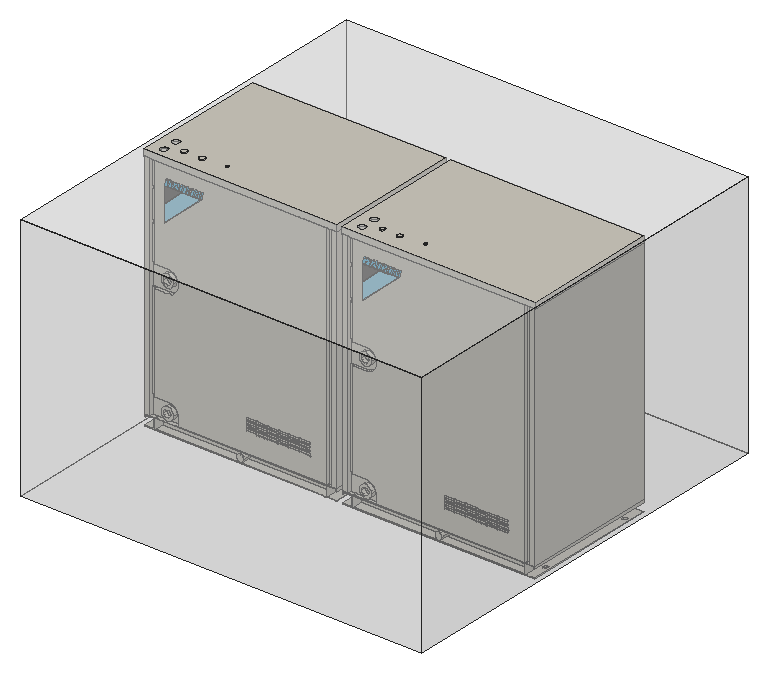
Revit family "outputfile", category 機械設備, Revit 2024
Family settings
  丸型コネクタ寸法 = 半径を使用
  種別 = なし
  パーツ タイプ = 標準
  OmniClass 番号 = 23.75.10.24.21.27.27
  OmniClass タイトル = Split System Air Conditioning Units
  作業面ベース = いいえ
  常に垂直 = はい
  ロード時にボイドで切り取り = いいえ
  注釈の向きを維持 = いいえ
  共有 = いいえ
  部屋計算ポイント = いいえ
Parameters (values of type "RWEYQ18TY1S")
  製造元 = "Daikin"
  書き出し IFC クラス(タイプ) = "IfcUnitaryEquipmentType"
  定義済み IFC タイプ(タイプ) = "AIRCONDITIONINGUNIT"
  モデル = "RWEYQ18TY1S"
  w_unit2 = 780.0 mm
  w_unit1 = 780.0 mm
  switch_unit2_6-8 [instance] = if(Reverse_ModuleSequence, if(default_unit1 = 1, 1 = 1, 1 = 0), if(default_unit2 = 1, 1 = 1, 1 = 0))  # yes
  switch_unit2_12 [instance] = if(Reverse_ModuleSequence, if(default_unit1 = 3, 1 = 1, 1 = 0), if(default_unit2 = 3, 1 = 1, 1 = 0))  # no
  switch_unit2_10 [instance] = if(Reverse_ModuleSequence, if(default_unit1 = 2, 1 = 1, 1 = 0), if(default_unit2 = 2, 1 = 1, 1 = 0))  # no
  switch_unit1_6-8 [instance] = if(Reverse_ModuleSequence, if(default_unit2 = 1, 1 = 1, 1 = 0), if(default_unit1 = 1, 1 = 1, 1 = 0))  # no
  switch_unit1_12 [instance] = if(Reverse_ModuleSequence, if(default_unit2 = 3, 1 = 1, 1 = 0), if(default_unit1 = 3, 1 = 1, 1 = 0))  # no
  switch_unit1_10 [instance] = if(Reverse_ModuleSequence, if(default_unit2 = 2, 1 = 1, 1 = 0), if(default_unit1 = 2, 1 = 1, 1 = 0))  # yes
  rangle_Drain [instance] = if(Rear Connection_Drain, 180.00°, 0.00°)  # 0.00°
  r_Water Outlet Pipe Connection_unit2 [instance] = Water Outlet Pipe Connection_Unit2 / 2  # 15.9 mm
  r_Water Outlet Pipe Connection_unit1 [instance] = Water Outlet Pipe Connection_Unit1 / 2  # 15.9 mm
  r_Water Inlet Pipe Connection_unit2 [instance] = Water Inlet Pipe Connection_Unit2 / 2  # 15.9 mm
  r_Water Inlet Pipe Connection_unit1 [instance] = Water Inlet Pipe Connection_Unit1 / 2  # 15.9 mm
  r_Liquid Pipe Size_unit2 [instance] = Liquid Pipe Size_Unit 2 / 2  # 4.75 mm
  r_HP/LP Gas Pipe Size_unit2 [instance] = [HP/LP Gas Pipe Size_Unit 2] / 2  # 9.55 mm
  r_HP/LP Gas Pipe Size_unit1 [instance] = [HP/LP Gas Pipe Size_Unit 1] / 2  # 11.1 mm
  r_Gas Pipe Size_unit2 [instance] = Gas Pipe Size_Unit 2 / 2  # 9.55 mm
  r_Drain Pipe Size = Drain Pipe Size / 2  # 6.35 mm
  lw_powersupply2 = 51.0 mm
  lw_liquidpipe2 = 274.0 mm
  lw_gaspipe2 [instance] = if(Heat Pump, 107.0 mm, 178.0 mm)  # 107.0 mm
  lw_Water Outlet2 = 95.0 mm
  lw_Water Outlet1 = 95.0 mm
  lw_Water Inlet2 = 95.0 mm
  lw_Water Inlet1 = 95.0 mm
  lw_HP/LP Gas Pipe2 [instance] = if(Heat Pump, 178.0 mm, 107.0 mm)  # 178.0 mm
  lw_HP/LP Gas Pipe1 [instance] = if(Heat Pump, 178.0 mm, 107.0 mm)  # 178.0 mm
  lw_Drain2 = 390.0 mm
  lw_Drain1 = 390.0 mm
  ld_HP/LP Gas Pipe = 69.0 mm
  h_mountinghole = [h_***] + 2.3 mm  # 2.3 mm
  r_Liquid Pipe Size_unit1 [instance] = Liquid Pipe Size_Unit 1 / 2  # 4.75 mm
  r_Gas Pipe Size_unit1 [instance] = Gas Pipe Size_Unit 1 / 2  # 11.1 mm
  distance_unit1-2 [instance] = 20.0 mm
  default_unit2 = 1
  default_unit1 = 2
  default_Water Outlet Pipe Connection_Unit 3 = 31.8 mm
  default_Water Outlet Pipe Connection_Unit 2 = 31.8 mm
  default_Water Outlet Pipe Connection_Unit 1 = 31.8 mm
  default_Water Inlet Pipe Connection_Unit 3 = 31.8 mm
  default_Water Inlet Pipe Connection_Unit 2 = 31.8 mm
  default_Water Inlet Pipe Connection_Unit 1 = 31.8 mm
  default_Model_Unit 2 = "RWEYQ8TY1S"
  default_Model_Unit 1 = "RWEYQ10TY1S"
  default_Liquid Pipe Size_Unit 2 = 9.5 mm
  default_Liquid Pipe Size_Unit 1 = 9.5 mm
  default_HP/LP Gas Pipe Size_Unit 2 [instance] = if(and(Heat Pump, [switch_unit2_6-8]), 19.1 mm, if(and(Heat Pump, switch_unit2_10), 22.2 mm, if(and(Heat Pump, switch_unit2_12), 22.2 mm, if(and(Heat Recovery, [switch_unit2_6-8]), 15.9 mm, if(and(Heat Recovery, switch_unit2_10), 19.1 mm, if(and(Heat Recovery, switch_unit2_12), 19.1 mm, 19.1 mm))))))  # 19.1 mm
  default_HP/LP Gas Pipe Size_Unit 1 [instance] = if(and(Heat Pump, [switch_unit1_6-8]), 19.1 mm, if(and(Heat Pump, switch_unit1_10), 22.2 mm, if(and(Heat Pump, switch_unit1_12), 22.2 mm, if(and(Heat Recovery, [switch_unit1_6-8]), 15.9 mm, if(and(Heat Recovery, switch_unit1_10), 19.1 mm, if(and(Heat Recovery, switch_unit1_12), 19.1 mm, 19.1 mm))))))  # 22.2 mm
  default_Gas Pipe Size_Unit 2 = 19.1 mm
  default_Gas Pipe Size_Unit 1 = 22.2 mm
  Water Outlet Pipe Connection_Unit2 [instance] = if(Reverse_ModuleSequence, default_Water Inlet Pipe Connection_Unit 1, default_Water Inlet Pipe Connection_Unit 2)  # 31.8 mm
  Water Outlet Pipe Connection_Unit1 [instance] = if(Reverse_ModuleSequence, default_Water Outlet Pipe Connection_Unit 2, default_Water Outlet Pipe Connection_Unit 1)  # 31.8 mm
  Water Inlet Pipe Connection_Unit2 [instance] = if(Reverse_ModuleSequence, default_Water Outlet Pipe Connection_Unit 1, default_Water Outlet Pipe Connection_Unit 2)  # 31.8 mm
  Water Inlet Pipe Connection_Unit1 [instance] = if(Reverse_ModuleSequence, default_Water Inlet Pipe Connection_Unit 2, default_Water Inlet Pipe Connection_Unit 1)  # 31.8 mm
  Voltage_comment_50Hz = "380-415"
  Voltage_50Hz = 400 V
  Top Connection_powersupply2 [instance] = not(Top Connection_powersupply1)  # no
  Sound Power Level (dB) = 74
  Reverse_ModuleSequence [instance] = no
  Rear Connection_Drain [instance] = not(Front Connection_Drain)  # no
  Power Input (Heating) = 9.580 kW
  Phase_50Hz = 3
  Nominal Heating Capacity = 56.500 kW
  Model_Unit 2 [instance] = if(Reverse_ModuleSequence, default_Model_Unit 1, default_Model_Unit 2)  # "RWEYQ8TY1S"
  Model_Unit 1 [instance] = if(Reverse_ModuleSequence, default_Model_Unit 2, default_Model_Unit 1)  # "RWEYQ10TY1S"
  Minimum Circuit Amps_50Hz = 27.3 A
  Maximum Fuse Amps_50Hz = 35.0 A
  Material_Heat Exchanger = DAIKIN_Blue_HE_outdoorunit
  Material_Casing = DAIKIN_IvoryWhite_Casing_outdoorunit
  lw_powersupply1 = 51.0 mm
  lw_liquidpipe1 = 274.0 mm
  lw_gaspipe1 [instance] = if(Heat Pump, 107.0 mm, 178.0 mm)  # 107.0 mm
  lh_powersupply = 940.0 mm
  ld_powersupply [instance] = if(Top Connection_powersupply1, 38.0 mm, 98.0 mm)  # 38.0 mm
  ld_liquidpipe = 79.0 mm
  ld_gaspipe = 69.0 mm
  h_*** = 0.0 mm
  Width [instance] = [distance_unit1-2] + w_unit1 + w_unit2  # 1580.0 mm
  Version = "ver.1.0"
  Unit Type = ""
  Unit Mass Weight = 293.00 kg
  Unit Designation [instance] = ""
  Uniclass2015Version = "Products v1.30"
  Uniclass2015Title = "Variable refrigerant flow units"
  Uniclass2015Code = "Pr_70_65_03_94"
  Total Cooling Capacity [instance] = 0.000 kW
  Sound Pressure Level (dBA) = 54
  Series = "VRV Heat Recovery"
  Refrigerant_Base Charge = 7.700 kg
  Refrigerant_Additional Charge [instance] = 0.000 kg
  Refrigerant Type = "R410A"
  Power Input (Cooling) = 9.290 kW
  Option Accessory 3 [instance] = ""
  Option Accessory 2 [instance] = ""
  Option Accessory 1 [instance] = ""
  Nominal Cooling Capacity = 50.400 kW
  Load Classification = HVAC
  Liquid Pipe Size_Unit 2 [instance] = if(Reverse_ModuleSequence, default_Liquid Pipe Size_Unit 1, default_Liquid Pipe Size_Unit 2)  # 9.5 mm
  Liquid Pipe Size_Unit 1 [instance] = if(Reverse_ModuleSequence, default_Liquid Pipe Size_Unit 2, default_Liquid Pipe Size_Unit 1)  # 9.5 mm
  Link_Nested Family [instance] = ""
  IfcVersion = ""
  IfcExportType = "AIRCONDITIONINGUNIT"
  IfcExportAs = "IfcUnitaryEquipmentType"
  Height = 1000.0 mm
  Heat Recovery [instance] = not(Heat Pump)  # no
  Heat Pump [instance] = yes
  Heat Exchanger Type = "Stainless Steel Plate"
  HP/LP Gas Pipe Size_Unit 2 [instance] = [default_HP/LP Gas Pipe Size_Unit 2]  # 19.1 mm
  HP/LP Gas Pipe Size_Unit 1 [instance] = [default_HP/LP Gas Pipe Size_Unit 1]  # 22.2 mm
  Gas Pipe Size_Unit 2 [instance] = if(Reverse_ModuleSequence, default_Gas Pipe Size_Unit 1, default_Gas Pipe Size_Unit 2)  # 19.1 mm
  Gas Pipe Size_Unit 1 [instance] = if(Reverse_ModuleSequence, default_Gas Pipe Size_Unit 2, default_Gas Pipe Size_Unit 1)  # 22.2 mm
  Top Connection_powersupply1 [instance] = yes
  Front Connection_Drain [instance] = yes
  Frequency_50Hz = 50 Hz
  Drain Pipe Size = 12.7 mm
  Depth = 550.0 mm
  既定の高さ = 0.0 mm
  Cooling Ambient Wet Bulb Temperature [instance] = 0.00 °C
  Cooling Ambient Dry Bulb Temperature [instance] = 0.00 °C
  Compressor Type = "Hermetically Sealed Scroll Type"
  Clearance visibility [instance] = yes
  Clearance Top = 0.0 mm
  Clearance Right = 20.0 mm
  Clearance Rear = 500.0 mm
  Clearance Left = 20.0 mm
  Clearance Front = 600.0 mm
  Clearance Bottom = 0.0 mm
  CU Tag No. [instance] = ""
Reference planes
  plane 1 "Center (Front/Back)": y = 0
  plane 2 "h_***": z = 0
  plane 3 "Center (Left/Right)": x = 0
  plane 4 "Back": y = 275
  plane 5 "Front": y = -275
  plane 6 "Left": x = -390
  plane 7 "w_unit1": x = 390
  plane 8 "Top": z = 1000
  plane 9 "Clearance Rear": y = 775
  plane 10 "Clearance Front": y = -875
  plane 11 "Clearance Left": x = -410
  plane 12 "Clearance Right": x = 1210
  plane 13 "Clearance Top": z = 1000
  plane 14 "Clearance Bottom": z = 0
  plane 15 "Bottom": z = 0
  plane 16 "lw_powersupply1": x = -339
  plane 17 "ld_powersupply": y = -237
  plane 18 "lw_liquidpipe1": x = -116
  plane 19 "Rear Connection_refrigetant": y = -196
  plane 20 "lw_gaspipe1": x = -283
  plane 21 "ld_gaspipe": y = -206
  plane 22 "lh_logo": z = 900
  plane 23 "lw_logo": x = 100
  plane 24 "lh_powersupply": z = 940
  plane 25 "lw_HP/LP Gas Pipe1": x = -212
  plane 26 "ld_HP/LP Gas Pipe": y = -206
  plane 27 "l_unit2": x = 410
  plane 28 "Right": x = 1190
  plane 29 "lw_powersupply2": x = 461
  plane 30 "lw_liquidpipe2": x = 684
  plane 31 "lw_gaspipe2": x = 517
  plane 32 "lw_HP/LP Gas Pipe2": x = 588
  plane 33 "lw_Water Inlet1": x = -295
  plane 34 "lw_Water Inlet2": x = 505
  plane 35 "lw_Water Outlet1": x = -295
  plane 36 "lw_Water Outlet2": x = 505
  plane 37 "lw_Drain1": x = 0
  plane 38 "lw_Drain2": x = 800
Dimensions and locks
  equal spacing: plane 4 "Back", plane 1 "Center (Front/Back)", plane 5 "Front"
  "Depth": plane 4 "Back" to plane 5 "Front"
  equal spacing: plane 6 "Left", plane 3 "Center (Left/Right)", plane 7 "w_unit1"
  "w_unit1": plane 6 "Left" to plane 7 "w_unit1"
  "Clearance Rear": plane 9 "Clearance Rear" to plane 4 "Back"
  "Clearance Front": plane 10 "Clearance Front" to plane 5 "Front"
  "Clearance Left": plane 11 "Clearance Left" to plane 6 "Left"
  "Clearance Top": plane 13 "Clearance Top" to plane 8 "Top"
  "h_***": plane 15 "Bottom" to plane 2 "h_***"
  "Height": plane 8 "Top" to plane 15 "Bottom"
  "Clearance Bottom": plane 15 "Bottom" to plane 14 "Clearance Bottom"
  "ld_powersupply": plane 17 "ld_powersupply" to plane 5 "Front"
  "ld_liquidpipe": plane 19 "Rear Connection_refrigetant" to plane 5 "Front"
  "ld_gaspipe": plane 21 "ld_gaspipe" to plane 5 "Front"
  locked: plane 23 "lw_logo" to plane 7 "w_unit1" at 290
  locked: plane 22 "lh_logo" to plane 15 "Bottom" at 900
  "lw_gaspipe1": plane 6 "Left" to plane 20 "lw_gaspipe1"
  "lw_liquidpipe1": plane 6 "Left" to plane 18 "lw_liquidpipe1"
  "lw_powersupply1": plane 6 "Left" to plane 16 "lw_powersupply1"
  "lh_powersupply": plane 24 "lh_powersupply" to plane 15 "Bottom"
  "lw_HP/LP Gas Pipe1": plane 6 "Left" to plane 25 "lw_HP/LP Gas Pipe1"
  "ld_HP/LP Gas Pipe": plane 26 "ld_HP/LP Gas Pipe" to plane 5 "Front"
  "distance_unit1-2": plane 7 "w_unit1" to plane 27 "l_unit2"
  "Clearance Right": plane 28 "Right" to plane 12 "Clearance Right"
  "Width": plane 6 "Left" to plane 28 "Right"
  "lw_powersupply2": plane 27 "l_unit2" to plane 29 "lw_powersupply2"
  "lw_HP/LP Gas Pipe2": plane 27 "l_unit2" to plane 32 "lw_HP/LP Gas Pipe2"
  "lw_gaspipe2": plane 27 "l_unit2" to plane 31 "lw_gaspipe2"
  "lw_liquidpipe2": plane 27 "l_unit2" to plane 30 "lw_liquidpipe2"
  "lw_Water Inlet1": plane 6 "Left" to plane 33 "lw_Water Inlet1"
  "lw_Water Inlet2": plane 27 "l_unit2" to plane 34 "lw_Water Inlet2"
  "lw_Water Outlet1": plane 6 "Left" to plane 35 "lw_Water Outlet1"
  "lw_Water Outlet2": plane 27 "l_unit2" to plane 36 "lw_Water Outlet2"
  "lw_Drain1": plane 6 "Left" to plane 37 "lw_Drain1"
  "lw_Drain2": plane 27 "l_unit2" to plane 38 "lw_Drain2"
  aligned and locked: level to plane 2 "h_***"
  aligned and locked: plane 9 "Clearance Rear" to nested 2
  aligned and locked: nested 2 to plane 10 "Clearance Front"
  aligned and locked: plane 11 "Clearance Left" to nested 2
  aligned and locked: plane 12 "Clearance Right" to nested 2
  aligned and locked: plane 13 "Clearance Top" to nested 2
  aligned and locked: plane 14 "Clearance Bottom" to nested 2
  aligned and locked: plane 8 "Top" to nested 1
  aligned and locked: plane 22 "lh_logo" to nested 7
  aligned and locked: nested 8 to plane 16 "lw_powersupply1"
  aligned and locked: nested 9 to plane 20 "lw_gaspipe1"
  aligned and locked: nested 10 to plane 18 "lw_liquidpipe1"
  aligned and locked: nested 10 to plane 19 "Rear Connection_refrigetant"
  aligned and locked: nested 9 to plane 21 "ld_gaspipe"
  aligned and locked: nested 8 to plane 17 "ld_powersupply"
  aligned and locked: plane 5 "Front" to nested 7
  aligned and locked: plane 24 "lh_powersupply" to nested 8
  aligned and locked: plane 27 "l_unit2" to nested 11
  aligned and locked: nested 17 to plane 29 "lw_powersupply2"
  aligned and locked: nested 17 to plane 17 "ld_powersupply"
  aligned and locked: nested 18 to plane 31 "lw_gaspipe2"
  aligned and locked: nested 18 to plane 26 "ld_HP/LP Gas Pipe"
  aligned and locked: plane 33 "lw_Water Inlet1" to nested 20
  aligned and locked: plane 34 "lw_Water Inlet2" to nested 21
  aligned and locked: plane 35 "lw_Water Outlet1" to nested 22
  aligned and locked: plane 36 "lw_Water Outlet2" to nested 23
  aligned and locked: plane 37 "lw_Drain1" to nested 24
  aligned and locked: plane 38 "lw_Drain2" to nested 25
  aligned and locked: plane 1 "Center (Front/Back)" to nested 20
  aligned and locked: plane 1 "Center (Front/Back)" to nested 21
  aligned and locked: plane 1 "Center (Front/Back)" to nested 22
  aligned and locked: plane 1 "Center (Front/Back)" to nested 23
  aligned and locked: plane 1 "Center (Front/Back)" to nested 24
  aligned and locked: plane 1 "Center (Front/Back)" to nested 25
  aligned and locked: nested 26 to plane 26 "ld_HP/LP Gas Pipe"
  aligned and locked: nested 27 to plane 26 "ld_HP/LP Gas Pipe"
  aligned and locked: plane 32 "lw_HP/LP Gas Pipe2" to nested 27
  aligned and locked: plane 25 "lw_HP/LP Gas Pipe1" to nested 26
Nested families
  nested 1: "DAIKIN_outdoorunit_RWEYQ-TY1S" at (-31, 0, 0), h_*** <- "h_***", Link_Nest <- "Link_Nested Family", h_mountinghole <- "h_mountinghole", Width <- "w_unit1", switch_unit1_6-8 <- "switch_unit1_6-8", switch_unit1_10 <- "switch_unit1_10", switch_unit1_12 <- "switch_unit1_12", type "RWEYQ-TY1S"
    with switch_unit1_6-8 no, switch_unit1_12 no, switch_unit1_10 yes, show_fixedhole yes, h_mountinghole 2.3 mm, h_antenna_mountinghole 998.7 mm, h_*** 0.0 mm, array_bolt 5, Width 780.0 mm, Liquid Pipe Size_Unit 1 9.5 mm, Link_Nest "", HP/LP Pipe Size_Unit 1 22.2 mm, Gas Pipe Size_Unit 1 22.2 mm
  nested 2: "daikin_clearancespace" at (400, -50, 500.119), visible <- "Clearance visibility", show <- "Clearance visibility", Link_Nested Family <- "Link_Nested Family", type "daikin_clearancespace"
    with width 1620.0 mm, show yes, height 1000.0 mm, depth 1650.0 mm, Link_Nested Family ""
  nested 3: "daikin_mountinghole" at (-372, 200, 0), type "daikin_mountinghole"
    with show yes, l_antenna 998.7 mm, h_mountinghole 2.3 mm, Link_Nested Family ""
  nested 4: "daikin_mountinghole" at (372, 200, 0), type "daikin_mountinghole"
    with show yes, l_antenna 998.7 mm, h_mountinghole 2.3 mm, Link_Nested Family ""
  nested 5: "daikin_mountinghole" at (-372, -200, 0), type "daikin_mountinghole"
    with show yes, l_antenna 998.7 mm, h_mountinghole 2.3 mm, Link_Nested Family ""
  nested 6: "daikin_mountinghole" at (372, -200, 0), type "daikin_mountinghole"
    with show yes, l_antenna 998.7 mm, h_mountinghole 2.3 mm, Link_Nested Family ""
  nested 7: "daikin_logo_elevation_w150" at (-212.5, -275, 744.568), type "daikin_logo_elevation_w150"
    with show_logo yes
  nested 8: "daikin_connector_rotate3" at (-339, -237, 940) x (-1, 0, 0) z (0, 0, -1), type "daikin_connector_rotate3"
    with show no, radius 10.0 mm, length 60.0 mm, angle_vertical 0.00°, angle_horizontal 0.00°
  nested 9: "daikin_connector_rotate3" at (-283, -206, 940) x (-1, 0, 0) z (0, 0, -1), radius <- "r_Gas Pipe Size_unit1", type "daikin_connector_rotate3"
    with show no, radius 11.1 mm, length 60.0 mm, angle_vertical 0.00°, angle_horizontal 0.00°
  nested 10: "daikin_connector_rotate3" at (-116, -196, 940) x (-1, 0, 0) z (0, 0, -1), radius <- "r_Liquid Pipe Size_unit1", type "daikin_connector_rotate3"
    with show no, radius 4.75 mm, length 60.0 mm, angle_vertical 0.00°, angle_horizontal 0.00°
  nested 11: "DAIKIN_outdoorunit_RWEYQ-TY1S" at (769, 0, 0), Width <- "w_unit2", switch_unit1_6-8 <- "switch_unit2_6-8", switch_unit1_10 <- "switch_unit2_10", switch_unit1_12 <- "switch_unit2_12", type "RWEYQ-TY1S"
    with switch_unit1_6-8 yes, switch_unit1_12 no, switch_unit1_10 no, show_fixedhole yes, h_mountinghole 2.3 mm, h_antenna_mountinghole 998.7 mm, h_*** 0.0 mm, array_bolt 5, Width 780.0 mm, Liquid Pipe Size_Unit 1 9.5 mm, Link_Nest "", HP/LP Pipe Size_Unit 1 19.1 mm, Gas Pipe Size_Unit 1 19.1 mm
  nested 12: "daikin_mountinghole" at (428, 200, 0), type "daikin_mountinghole"
    with show yes, l_antenna 998.7 mm, h_mountinghole 2.3 mm, Link_Nested Family ""
  nested 13: "daikin_mountinghole" at (1172, 200, 0), type "daikin_mountinghole"
    with show yes, l_antenna 998.7 mm, h_mountinghole 2.3 mm, Link_Nested Family ""
  nested 14: "daikin_mountinghole" at (428, -200, 0), type "daikin_mountinghole"
    with show yes, l_antenna 998.7 mm, h_mountinghole 2.3 mm, Link_Nested Family ""
  nested 15: "daikin_mountinghole" at (1172, -200, 0), type "daikin_mountinghole"
    with show yes, l_antenna 998.7 mm, h_mountinghole 2.3 mm, Link_Nested Family ""
  nested 16: "daikin_connector_rotate3" at (684, -196, 940) x (-1, 0, 0) z (0, 0, -1), radius <- "r_Liquid Pipe Size_unit2", type "daikin_connector_rotate3"
    with show no, radius 4.75 mm, length 60.0 mm, angle_vertical 0.00°, angle_horizontal 0.00°
  nested 17: "daikin_connector_rotate3" at (461, -237, 940) x (-1, 0, 0) z (0, 0, -1), type "daikin_connector_rotate3"
    with show no, radius 10.0 mm, length 60.0 mm, angle_vertical 0.00°, angle_horizontal 0.00°
  nested 18: "daikin_connector_rotate3" at (517, -206, 940) x (-1, 0, 0) z (0, 0, -1), radius <- "r_Gas Pipe Size_unit2", type "daikin_connector_rotate3"
    with show no, radius 9.55 mm, length 60.0 mm, angle_vertical 0.00°, angle_horizontal 0.00°
  nested 19: "daikin_logo_elevation_w150" at (587.5, -275, 744.568), type "daikin_logo_elevation_w150"
    with show_logo yes
  nested 20: "daikin_connector_rotate3" at (-295, 0, 76), radius <- "r_Water Inlet Pipe Connection_unit1", type "daikin_connector_rotate3"
    with show no, radius 15.9 mm, length 275.0 mm, angle_vertical 90.00°, angle_horizontal 0.00°
  nested 21: "daikin_connector_rotate3" at (505, 0, 76), radius <- "r_Water Inlet Pipe Connection_unit2", type "daikin_connector_rotate3"
    with show no, radius 15.9 mm, length 275.0 mm, angle_vertical 90.00°, angle_horizontal 0.00°
  nested 22: "daikin_connector_rotate3" at (-295, 0, 556), radius <- "r_Water Outlet Pipe Connection_unit1", type "daikin_connector_rotate3"
    with show no, radius 15.9 mm, length 275.0 mm, angle_vertical 90.00°, angle_horizontal 0.00°
  nested 23: "daikin_connector_rotate3" at (505, 0, 556), radius <- "r_Water Outlet Pipe Connection_unit2", type "daikin_connector_rotate3"
    with show no, radius 15.9 mm, length 275.0 mm, angle_vertical 90.00°, angle_horizontal 0.00°
  nested 24: "daikin_connector_rotate3" at (0, 0, 19), angle_horizontal <- "rangle_Drain", radius <- "r_Drain Pipe Size", type "daikin_connector_rotate3"
    with show no, radius 6.35 mm, length 275.0 mm, angle_vertical 90.00°, angle_horizontal 0.00°
  nested 25: "daikin_connector_rotate3" at (800, 0, 19), angle_horizontal <- "rangle_Drain", radius <- "r_Drain Pipe Size", type "daikin_connector_rotate3"
    with show no, radius 6.35 mm, length 275.0 mm, angle_vertical 90.00°, angle_horizontal 0.00°
  nested 26: "daikin_connector_rotate3" at (-212, -206, 940) x (1, 0, 0) z (0, 0, -1), radius <- "r_HP/LP Gas Pipe Size_unit1", type "daikin_connector_rotate3"
    with show no, radius 11.1 mm, length 60.0 mm, angle_vertical 0.00°, angle_horizontal 0.00°
  nested 27: "daikin_connector_rotate3" at (588, -206, 940) x (1, 0, 0) z (0, 0, -1), radius <- "r_HP/LP Gas Pipe Size_unit2", type "daikin_connector_rotate3"
    with show no, radius 9.55 mm, length 60.0 mm, angle_vertical 0.00°, angle_horizontal 0.00°
Connectors
  piping at (-116, -196, 1000), diameter 9.5, driven by "r_Liquid Pipe Size_unit1"
    settings: on nested 10, index 12, connector inside diameter 609.6 mm, connector length 0.0 mm, flow factor 0, pipe flow 0.00 m³/h, pressure drop 0.0 Pa, fitting loss kfactor 0, connector angle 0.00°, fixture units 0, engagement length 0.0 mm, angle of deflection 0.00°, flow configuration 0, flow direction 2, fitting loss method 0, system type 29, joint type 0, gender type 0, connector reference index -1, connector utility 0, adjustable connector no, is connector primary no, connector description "Refrigerant Liquid Piping1"
  electrical at (-339, -237, 1000), driven by "Load Classification"
    settings: on nested 8, index 13, voltage 0 V, apparent load 0 VA, apparent load phase1 0 VA, apparent load phase2 0 VA, apparent load phase3 0 VA, power factor 1, load classification "HVAC", number of poles 1, system type 30, power factor state 1, is connector primary yes, connector utility no, sub classification motor no, connector description "Power Supply1"
  piping at (684, -196, 1000), diameter 9.5, driven by "r_Liquid Pipe Size_unit2"
    settings: on nested 16, index 15, connector inside diameter 609.6 mm, connector length 0.0 mm, flow factor 0, pipe flow 0.00 m³/h, pressure drop 0.0 Pa, fitting loss kfactor 0, connector angle 0.00°, fixture units 0, engagement length 0.0 mm, angle of deflection 0.00°, flow configuration 0, flow direction 2, fitting loss method 0, system type 29, joint type 0, gender type 0, connector reference index -1, connector utility 0, adjustable connector no, is connector primary no, connector description "Refrigerant Liquid Piping2"
  electrical at (461, -237, 1000), driven by "Load Classification"
    settings: on nested 17, index 17, voltage 0 V, apparent load 0 VA, apparent load phase1 0 VA, apparent load phase2 0 VA, apparent load phase3 0 VA, power factor 1, load classification "HVAC", number of poles 1, system type 30, power factor state 1, is connector primary no, connector utility no, sub classification motor no, connector description "Power Supply2"
  piping at (-295, -275, 556), diameter 31.8, driven by "r_Water Outlet Pipe Connection_unit1"
    settings: on nested 22, index 19, connector inside diameter 609.6 mm, connector length 0.0 mm, flow factor 0, pipe flow 0.00 m³/h, pressure drop 0.0 Pa, fitting loss kfactor 0, connector angle 0.00°, fixture units 0, engagement length 0.0 mm, angle of deflection 0.00°, flow configuration 1, flow direction 2, fitting loss method 0, system type 8, joint type 0, gender type 0, connector reference index -1, connector utility 0, adjustable connector no, is connector primary no, connector description "Cooling Water Outlet Piping 1"
  piping at (-295, -275, 76), diameter 31.8, driven by "r_Water Inlet Pipe Connection_unit1"
    settings: on nested 20, index 20, connector inside diameter 609.6 mm, connector length 0.0 mm, flow factor 0, pipe flow 0.00 m³/h, pressure drop 0.0 Pa, fitting loss kfactor 0, connector angle 0.00°, fixture units 0, engagement length 0.0 mm, angle of deflection 0.00°, flow configuration 1, flow direction 1, fitting loss method 0, system type 7, joint type 0, gender type 0, connector reference index -1, connector utility 0, adjustable connector no, is connector primary no, connector description "Cooling Water Inlet  Piping 1"
  piping at (0, -275, 19), diameter 12.7, driven by "r_Drain Pipe Size"
    settings: on nested 24, index 21, connector inside diameter 609.6 mm, connector length 0.0 mm, flow factor 0, pipe flow 0.00 m³/h, pressure drop 0.0 Pa, fitting loss kfactor 0, connector angle 0.00°, fixture units 0, engagement length 0.0 mm, angle of deflection 0.00°, flow configuration 1, flow direction 2, fitting loss method 4, system type 16, joint type 0, gender type 0, connector reference index -1, connector utility 0, adjustable connector no, is connector primary no, connector description "Condensate Drain Piping 1"
  piping at (505, -275, 556), diameter 31.8, driven by "r_Water Outlet Pipe Connection_unit2"
    settings: on nested 23, index 22, connector inside diameter 609.6 mm, connector length 0.0 mm, flow factor 0, pipe flow 0.00 m³/h, pressure drop 0.0 Pa, fitting loss kfactor 0, connector angle 0.00°, fixture units 0, engagement length 0.0 mm, angle of deflection 0.00°, flow configuration 1, flow direction 2, fitting loss method 0, system type 8, joint type 0, gender type 0, connector reference index -1, connector utility 0, adjustable connector no, is connector primary no, connector description "Cooling Water Outlet Piping 2"
  piping at (505, -275, 76), diameter 31.8, driven by "r_Water Inlet Pipe Connection_unit2"
    settings: on nested 21, index 23, connector inside diameter 609.6 mm, connector length 0.0 mm, flow factor 0, pipe flow 0.00 m³/h, pressure drop 0.0 Pa, fitting loss kfactor 0, connector angle 0.00°, fixture units 0, engagement length 0.0 mm, angle of deflection 0.00°, flow configuration 1, flow direction 1, fitting loss method 0, system type 7, joint type 0, gender type 0, connector reference index -1, connector utility 0, adjustable connector no, is connector primary no, connector description "Cooling Water Inlet  Piping 2"
  piping at (800, -275, 19), diameter 12.7, driven by "r_Drain Pipe Size"
    settings: on nested 25, index 24, connector inside diameter 609.6 mm, connector length 0.0 mm, flow factor 0, pipe flow 0.00 m³/h, pressure drop 0.0 Pa, fitting loss kfactor 0, connector angle 0.00°, fixture units 0, engagement length 0.0 mm, angle of deflection 0.00°, flow configuration 1, flow direction 2, fitting loss method 4, system type 16, joint type 0, gender type 0, connector reference index -1, connector utility 0, adjustable connector no, is connector primary no, connector description "Condensate Drain Piping 2"
  piping at (-212, -206, 1000), diameter 22.2, driven by "r_HP/LP Gas Pipe Size_unit1"
    settings: on nested 26, index 27, connector inside diameter 609.6 mm, connector length 0.0 mm, flow factor 0, pipe flow 0.00 m³/h, pressure drop 0.0 Pa, fitting loss kfactor 0, connector angle 0.00°, fixture units 0, engagement length 0.0 mm, angle of deflection 0.00°, flow configuration 0, flow direction 0, fitting loss method 0, system type 29, joint type 0, gender type 0, connector reference index -1, connector utility 0, adjustable connector no, is connector primary no, connector description "Refrigerant HP/LP Gas Piping1"
  piping at (588, -206, 1000), diameter 19.1, driven by "r_HP/LP Gas Pipe Size_unit2"
    settings: on nested 27, index 28, connector inside diameter 609.6 mm, connector length 0.0 mm, flow factor 0, pipe flow 0.00 m³/h, pressure drop 0.0 Pa, fitting loss kfactor 0, connector angle 0.00°, fixture units 0, engagement length 0.0 mm, angle of deflection 0.00°, flow configuration 0, flow direction 0, fitting loss method 0, system type 29, joint type 0, gender type 0, connector reference index -1, connector utility 0, adjustable connector no, is connector primary no, connector description "Refrigerant HP/LP Gas Piping2"
  piping at (-283, -206, 1000), diameter 22.2, driven by "r_Gas Pipe Size_unit1"
    settings: on nested 9, index 29, connector inside diameter 609.6 mm, connector length 0.0 mm, flow factor 0, pipe flow 0.00 m³/h, pressure drop 0.0 Pa, fitting loss kfactor 0, connector angle 0.00°, fixture units 0, engagement length 0.0 mm, angle of deflection 0.00°, flow configuration 0, flow direction 1, fitting loss method 0, system type 29, joint type 0, gender type 0, connector reference index -1, connector utility 0, adjustable connector no, is connector primary yes, connector description "Refrigerant Gas Piping1"
  piping at (517, -206, 1000), diameter 19.1, driven by "r_Gas Pipe Size_unit2"
    settings: on nested 18, index 30, connector inside diameter 609.6 mm, connector length 0.0 mm, flow factor 0, pipe flow 0.00 m³/h, pressure drop 0.0 Pa, fitting loss kfactor 0, connector angle 0.00°, fixture units 0, engagement length 0.0 mm, angle of deflection 0.00°, flow configuration 0, flow direction 1, fitting loss method 0, system type 29, joint type 0, gender type 0, connector reference index -1, connector utility 0, adjustable connector no, is connector primary no, connector description "Refrigerant Gas Piping2"
Definition of nested family "DAIKIN_outdoorunit_RWEYQ-TY1S"
  Parameters (values of type "RWEYQ-TY1S")
    w_wiremesh_right = 668.0 mm  # constant formula
    w_wiremesh_left = 590.0 mm  # constant formula
    w_wiremesh_front = 248.0 mm  # constant formula
    switch_unit1_6-8 [instance] = no
    switch_unit1_12 [instance] = yes
    switch_unit1_10 [instance] = no
    show_fixedhole [instance] = yes
    material_heatexchanger = none
    material_casing = none
    ld_hole1_bottom = 154.0 mm  # constant formula
    h_wiremesh = 900.0 mm  # constant formula
    h_mountinghole [instance] = 2.3 mm
    h_antenna_mountinghole [instance] = Height + 1.0 mm - 2.3 mm  # 998.7 mm
    h_*** [instance] = 0.0 mm
    array_bolt [instance] = 5
    Width [instance] = 780.0 mm
    Liquid Pipe Size_Unit 1 [instance] = if([switch_unit1_6-8], 9.5 mm, if(switch_unit1_10, 9.5 mm, if(switch_unit1_12, 12.7 mm, 9.5 mm)))  # 12.7 mm
    Link_Nest [instance] = ""
    Height = 1000.0 mm
    Heat Recovery = not(Heat Pump)  # no
    Heat Pump = yes
    HP/LP Pipe Size_Unit 1_L = if(Heat Pump, 178.0 mm, 107.0 mm)  # 178.0 mm
    HP/LP Pipe Size_Unit 1 [instance] = if(Heat Recovery, if([switch_unit1_6-8], 15.9 mm, if(switch_unit1_10, 19.1 mm, if(switch_unit1_12, 19.1 mm, 15.9 mm))), if([switch_unit1_6-8], 19.1 mm, if(switch_unit1_10, 22.2 mm, if(switch_unit1_12, 22.2 mm, 19.1 mm))))  # 22.2 mm
    Gas Pipe Size_Unit 1_L = if(Heat Pump, 107.0 mm, 178.0 mm)  # 107.0 mm
    Gas Pipe Size_Unit 1_H = 60.0 mm  # constant formula
    Gas Pipe Size_Unit 1 [instance] = if([switch_unit1_6-8], 19.1 mm, if(switch_unit1_10, 22.2 mm, if(switch_unit1_12, 22.2 mm, 19.1 mm)))  # 22.2 mm
    Depth = 550.0 mm
    Default Elevation = 0.0 mm
  Reference planes
    plane 1 "Center (Front/Back)": y = 0
    plane 2 "reference_level": z = 0
    plane 3 "Center (Left/Right)": x = 31
    plane 4 "Bottom": z = 0
    plane 5: x = 421
    plane 6: x = -359
    plane 7 "Back": y = 275
    plane 8 "Front": y = -275
    plane 9: z = 1000
    plane 10: z = 976
    plane 11: y = -255
    plane 12: y = 255
    plane 13: x = -337
    plane 14: x = 399
    plane 15: x = -341
    plane 16: z = 45
    plane 17: x = 403
    plane 18: y = 200
    plane 19: y = -200
    plane 20: z = 1060
    plane 21: z = 19
    plane 22: z = 1000
    plane 23: z = 940
  Forms (mm)
    Extrusion 1, solid, material <- "material_heatexchanger"
      sketch origin (0, 0, 0) x (1, 0, 0) y (0, 1, 0)
        loop
          line (-337, 255) -> (-337, -255) -> (399, -255) -> (399, 255) -> (-337, 255)
      from 54 to 976
    Extrusion 2, void
      sketch origin (0, 350, 0) x (1, 0, 0) y (0, 1, 0)
        loop
          circle (-341, -150) r 8.5
        loop
          circle (403, -150) r 8.5
        loop
          circle (403, -550) r 8.5
        loop
          circle (-341, -550) r 8.5
      from 0 to 29.064
    Extrusion 3, solid, material <- "material_casing"
      sketch origin (620, -305, 0) x (-1, 0, 0) y (0, 0, 1)
        loop
          line (204.3, 35.061) -> (204.3, 42.7) -> (239.7, 42.7) -> (239.7, 2.3) -> (201, 2.3) -> (201, 0) -> (242, 0) -> (242, 45) -> (201, 45) -> (201, 35.061) -> (204.3, 35.061)
        loop
          line (973.7, 35.061) -> (977, 35.061) -> (977, 45) -> (936, 45) -> (936, 0) -> (977, 0) -> (977, 2.3) -> (938.3, 2.3) -> (938.3, 42.7) -> (973.7, 42.7) -> (973.7, 35.061)
      from 30 to 580
    Extrusion 4, solid, material <- "material_casing"
      sketch origin (31, 0, 0) x (0, 1, 0) y (0, 0, 1)
        loop
          line (-275, 45) -> (-275, 42.7) -> (-236.3, 42.7) -> (-236.3, 2.3) -> (-275, 2.3) -> (-275, 0) -> (-234, 0) -> (-234, 45) -> (-275, 45)
        loop
          line (275, 45) -> (234, 45) -> (234, 0) -> (275, 0) -> (275, 2.3) -> (236.3, 2.3) -> (236.3, 42.7) -> (275, 42.7) -> (275, 45)
      from -347 to 347
    Extrusion 5, solid, material <- "material_casing"
      sketch origin (0, 0, 0) x (1, 0, 0) y (0, 1, 0)
        loop
          circle (-85, -196) r 6.35
        loop
          circle (-181, -206) r 11.1
      from 940 to 1000
    Extrusion 6, solid, material <- "material_casing"
      sketch origin (-663.497, -190, 1200) x (-1, 0, 0) y (0, 0, 1)
        loop
          circle (-694.497, -1181) r 14
      from -85 to -46.3
    Extrusion 7, solid, material <- "material_casing"
      sketch origin (-663.497, 321.3, 1200) x (-1, 0, 0) y (0, 0, 1)
        loop
          circle (-694.497, -1181) r 14
      from -85 to -46.3
    Extrusion 8, solid, material <- "material_casing"
      sketch origin (0, -500, 0) x (1, 0, 0) y (0, 1, 0)
        loop
          circle (-252, 294) r 11.1
      from 940 to 1000
  Cuts and joins
    Extrusion 2 cuts Extrusion 3
  Dimensions and locks
    equal spacing: plane 6, plane 3 "Center (Left/Right)", plane 5
    "Width": plane 6 to plane 5
    locked: plane 9 to plane 10 at 24
    "Depth": plane 8 "Front" to plane 7 "Back"
    equal spacing: plane 7 "Back", plane 1 "Center (Front/Back)", plane 8 "Front"
    locked: plane 12 to plane 7 "Back" at 20
    locked: plane 11 to plane 8 "Front" at 20
    locked: plane 6 to plane 13 at 22
    locked: plane 14 to plane 5 at 22
    locked: plane 6 to plane 15 at 18
    "h_***": plane 4 "Bottom" to plane 2 "reference_level"
    locked: plane 16 to plane 4 "Bottom" at 45
    "Height": plane 9 to plane 4 "Bottom"
    locked: plane 5 to Extrusion 3 sketch curve at 2  (x2)
    locked: Extrusion 3 sketch curve to Extrusion 3 sketch curve at 41  (x2)
    locked: Extrusion 3 sketch curve to Extrusion 3 sketch curve at 3.3  (x2)
    locked: Extrusion 3 sketch curve to plane 6 at 2  (x2)
    locked: plane 8 "Front" to Extrusion 4 sketch curve at 41
    locked: Extrusion 4 sketch curve to plane 7 "Back" at 41
    locked: plane 17 to plane 5 at 18
    plane 19 to plane 8 "Front" = 75.0 mm
    locked: plane 18 to plane 7 "Back" at 75
    locked: Extrusion 5 sketch curve to plane 8 "Front" at 79
    locked: plane 6 to Extrusion 5 sketch curve at 274
    "HP/LP Pipe Size_Unit 1_L": plane 6 to Extrusion 5 sketch curve
    locked: Extrusion 5 sketch curve to plane 8 "Front" at 69
    locked: plane 20 to plane 9 at 60
    plane 21 to plane 4 "Bottom" = 19.0 mm
    locked: Extrusion 8 sketch curve to plane 8 "Front" at 69
    "Gas Pipe Size_Unit 1_L": plane 6 to Extrusion 8 sketch curve
    "Gas Pipe Size_Unit 1_H": plane 20 to plane 22
    locked: plane 22 to plane 23 at 60
    "HP/LP Pipe Size_Unit 1": diameter of Extrusion 5 sketch curve
    "Liquid Pipe Size_Unit 1": diameter of Extrusion 5 sketch curve
    "Gas Pipe Size_Unit 1": diameter of Extrusion 8 sketch curve
    aligned and locked: level to plane 2 "reference_level"
    aligned and locked: plane 12 to Extrusion 1 sketch curve
    aligned and locked: plane 11 to Extrusion 1 sketch curve
    aligned and locked: plane 13 to Extrusion 1 sketch curve
    aligned and locked: plane 14 to Extrusion 1 sketch curve
    aligned and locked: plane 10 to Extrusion 1
    aligned and locked: plane 11 to nested 1
    aligned and locked: plane 10 to nested 4
    aligned and locked: nested 5 to plane 9
    aligned and locked: plane 10 to nested 3
    aligned and locked: plane 10 to nested 2
    aligned and locked: plane 13 to nested 4
    aligned and locked: plane 14 to nested 2
    aligned and locked: plane 12 to nested 3
    aligned and locked: plane 15 to nested 7
    aligned and locked: plane 15 to nested 9
    aligned and locked: plane 8 "Front" to nested 5
    aligned and locked: plane 6 to nested 5
    aligned and locked: plane 10 to nested 1
    aligned and locked: plane 13 to nested 1
    aligned and locked: nested 2 to plane 1 "Center (Front/Back)"
    aligned and locked: nested 3 to plane 3 "Center (Left/Right)"
    aligned and locked: plane 1 "Center (Front/Back)" to nested 4
    aligned and locked: nested 6 to plane 3 "Center (Left/Right)"
    aligned and locked: plane 1 "Center (Front/Back)" to nested 6
    aligned and locked: plane 16 to Extrusion 3 sketch curve
    aligned and locked: Extrusion 3 sketch curve to plane 4 "Bottom"
    aligned and locked: Extrusion 3 sketch curve to plane 16
    aligned and locked: plane 4 "Bottom" to Extrusion 3 sketch curve
    aligned and locked: Extrusion 3 to plane 7 "Back"
    aligned and locked: Extrusion 3 to plane 8 "Front"
    aligned and locked: plane 8 "Front" to Extrusion 4 sketch curve  (x2)
    aligned and locked: plane 4 "Bottom" to Extrusion 4 sketch curve
    aligned and locked: Extrusion 4 sketch curve to plane 16
    aligned and locked: Extrusion 4 sketch curve to plane 7 "Back"  (x2)
    aligned and locked: plane 18 to Extrusion 2 sketch curve  (x2)
    aligned and locked: plane 15 to Extrusion 2 sketch curve  (x2)
    aligned and locked: plane 17 to Extrusion 2 sketch curve  (x2)
    aligned and locked: plane 17 to nested 8
    aligned and locked: plane 18 to nested 8
    aligned and locked: plane 18 to nested 7
    aligned and locked: nested 7 to plane 15
    aligned and locked: nested 9 to plane 19
    aligned and locked: nested 9 to plane 15
    aligned and locked: nested 10 to plane 19
    aligned and locked: plane 17 to nested 10
    aligned and locked: plane 19 to Extrusion 2 sketch curve  (x2)
    aligned and locked: plane 21 to Extrusion 6 sketch curve
    aligned and locked: plane 3 "Center (Left/Right)" to Extrusion 6 sketch curve
    aligned and locked: plane 22 to Extrusion 8
    aligned and locked: Extrusion 8 to plane 23
    aligned and locked: Extrusion 5 to plane 23
    aligned and locked: Extrusion 5 to plane 22
  Automatic sketch dimensions
    Extrusion 3 sketch curve to Extrusion 3 sketch curve = 2.3 mm  (x2)
    level to Extrusion 3 sketch curve = 2.3 mm  (x2)
    Extrusion 3 sketch curve to plane 16 = 9.939 mm  (x2)
    Extrusion 3 sketch curve to plane 16 = 2.3 mm  (x2)
    Extrusion 4 sketch curve to level = 0.0 mm
    Extrusion 4 sketch curve to plane 16 = 0.0 mm
    Extrusion 4 sketch curve to Extrusion 4 sketch curve = 2.3 mm  (x2)
    level to Extrusion 4 sketch curve = 2.3 mm  (x2)
    Extrusion 4 sketch curve to plane 16 = 2.3 mm  (x2)
    Extrusion 7 sketch curve to plane 3 "Center (Left/Right)" = 0.0 mm
    Extrusion 7 sketch curve to plane 21 = 0.0 mm
    radius of Extrusion 2 sketch curve = 8.5 mm  (x4)
    radius of Extrusion 6 sketch curve = 14.0 mm
    radius of Extrusion 7 sketch curve = 14.0 mm
  Nested families
    nested 1: "outdoorunit_frontpanel" at (-337, -265, 45), material <- "material_casing", type "frontpanel1"
      with material none
    nested 2: "outdoorunit_rightpanel1" at (409, -275, 45) x (0, 1, 0) z (0, 0, 1), material <- "material_casing", type "frontpanel1"
      with material none
    nested 3: "outdoorunit_backpanel" at (399, 265, 45) x (-1, 0, 0) z (0, 0, 1), material <- "material_casing", type "frontpanel1"
      with material none
    nested 4: "outdoorunit_leftpanel" at (-347, 275, 45) x (0, -1, 0) z (0, 0, 1), material <- "material_casing", type "frontpanel1"
      with material none
    nested 5: "outdoorunit_uppanel" at (-359, -275, 988) x (1, 0, 0) z (0, 1, 0), material <- "material_casing", type "frontpanel1"
      with material none
    nested 6: "outdoorunit_downpanel" at (399, 255, 56) x (-1, 0, 0) z (0, -1, 0), material <- "material_casing", type "frontpanel1"
      with material none
    nested 7: "daikin_mountinghole" at (-341, 200, 0), visible <- "show_fixedhole", Link_Nested Family <- "Link_Nest", l_antenna <- "h_antenna_mountinghole", h_mountinghole <- "h_mountinghole", type "daikin_mountinghole"
      with show yes, l_antenna 998.7 mm, h_mountinghole 2.3 mm, Link_Nested Family ""
    nested 8: "daikin_mountinghole" at (403, 200, 0), visible <- "show_fixedhole", Link_Nested Family <- "Link_Nest", l_antenna <- "h_antenna_mountinghole", h_mountinghole <- "h_mountinghole", type "daikin_mountinghole"
      with show yes, l_antenna 998.7 mm, h_mountinghole 2.3 mm, Link_Nested Family ""
    nested 9: "daikin_mountinghole" at (-341, -200, 0), visible <- "show_fixedhole", Link_Nested Family <- "Link_Nest", l_antenna <- "h_antenna_mountinghole", h_mountinghole <- "h_mountinghole", type "daikin_mountinghole"
      with show yes, l_antenna 998.7 mm, h_mountinghole 2.3 mm, Link_Nested Family ""
    nested 10: "daikin_mountinghole" at (403, -200, 0), visible <- "show_fixedhole", Link_Nested Family <- "Link_Nest", l_antenna <- "h_antenna_mountinghole", h_mountinghole <- "h_mountinghole", type "daikin_mountinghole"
      with show yes, l_antenna 998.7 mm, h_mountinghole 2.3 mm, Link_Nested Family ""
  Definition of nested family "outdoorunit_frontpanel"
    Parameters (values of type "frontpanel1")
      width = 736.0 mm
      material [instance] = none
      height1 = 931.0 mm
      depth = 20.0 mm
      Default Elevation = 0.0 mm
    Reference planes
      plane 1 "Center (Front/Back)": y = 0
      plane 2 "Bottom": z = 0
      plane 3: x = 0
      plane 4 "Back": y = 10
      plane 5 "Front": y = -10
      plane 6: x = 736
      plane 7 "Top": z = 931
      plane 8 "Left": x = 0
      plane 9 "Center L/S": y = 5
      plane 10 "Center L/T": y = -5
    Forms (mm)
      Extrusion 1, solid, material <- "material"
        sketch origin (0, 0, 0) x (1, 0, 0) y (0, 1, 0)
          loop
            line (0, 10) -> (0, -10) -> (736, -10) -> (736, 10) -> (0, 10)
        from 0 to 931
      Extrusion 2, void
        sketch origin (0, 0, 0) x (1, 0, 0) y (0, 0, 1)
          loop
            line (0, 931) -> (0, 0) -> (21, 0) -> (21, 931) -> (0, 931)
          loop
            line (736, 931) -> (715, 931) -> (715, 0) -> (736, 0) -> (736, 931)
        from 0 to 250
      Extrusion 3, void
        sketch origin (0, 0, 0) x (1, 0, 0) y (0, 0, 1)
          loop
            line (2, 931) -> (-33, 931) -> (-33, -14) -> (118, -14) -> (118, 31)
            arc (118, 31) -> (104.82, 62.82) -> (73, 76) r 45
            line (73, 76) -> (2, 76) -> (2, 466) -> (73, 466)
            arc (73, 466) -> (118, 511) -> (73, 556) r 45
            line (73, 556) -> (2, 556) -> (2, 692) -> (10.5, 692)
            arc (10.5, 692) -> (18, 699.5) -> (10.5, 707) r 7.5
            line (10.5, 707) -> (2, 707) -> (2, 817) -> (10.5, 817)
            arc (10.5, 817) -> (18, 824.5) -> (10.5, 832) r 7.5
            line (10.5, 832) -> (2, 832) -> (2, 931)
        from -5 to 250
      Extrusion 4, void
        sketch origin (0, 0, 0) x (1, 0, 0) y (0, 0, 1)
          loop
            line (734, 931) -> (734, 0) -> (972.161, 0) -> (972.161, 931) -> (734, 931)
        from -5 to 250
      Extrusion 5, solid, material <- "material"
        sketch origin (0, 0, 0) x (1, 0, 0) y (0, 0, 1)
          loop
            circle (73, 511) r 25
          loop
            circle (73, 511) r 15.5
          loop
            circle (73, 31) r 25
          loop
            circle (73, 31) r 15.5
        from -5 to 10
      Extrusion 6, void
        sketch origin (0, 0, 0) x (1, 0, 0) y (0, 0, 1)
          loop
            line (390.8, 131) -> (390.8, 118.75) -> (433.5, 118.75) -> (433.5, 131) -> (390.8, 131)
          loop
            line (390.8, 80) -> (433.5, 80) -> (433.5, 92.25) -> (390.8, 92.25) -> (390.8, 80)
          loop
            line (390.8, 117.75) -> (390.8, 106) -> (433.5, 106) -> (433.5, 117.75) -> (390.8, 117.75)
          loop
            line (390.8, 105) -> (390.8, 93.25) -> (433.5, 93.25) -> (433.5, 105) -> (390.8, 105)
          loop
            line (476.7, 131) -> (434.5, 131) -> (434.5, 118.75) -> (476.7, 118.75) -> (476.7, 131)
          loop
            line (434.5, 80) -> (476.7, 80) -> (476.7, 92.25) -> (434.5, 92.25) -> (434.5, 80)
          loop
            line (434.5, 117.75) -> (434.5, 106) -> (476.7, 106) -> (476.7, 117.75) -> (434.5, 117.75)
          loop
            line (434.5, 105) -> (434.5, 93.25) -> (476.7, 93.25) -> (476.7, 105) -> (434.5, 105)
          loop
            line (519.9, 131) -> (477.7, 131) -> (477.7, 118.75) -> (519.9, 118.75) -> (519.9, 131)
          loop
            line (477.7, 80) -> (519.9, 80) -> (519.9, 92.25) -> (477.7, 92.25) -> (477.7, 80)
          loop
            line (477.7, 117.75) -> (477.7, 106) -> (519.9, 106) -> (519.9, 117.75) -> (477.7, 117.75)
          loop
            line (477.7, 105) -> (477.7, 93.25) -> (519.9, 93.25) -> (519.9, 105) -> (477.7, 105)
          loop
            line (563.1, 131) -> (520.9, 131) -> (520.9, 118.75) -> (563.1, 118.75) -> (563.1, 131)
          loop
            line (520.9, 80) -> (563.1, 80) -> (563.1, 92.25) -> (520.9, 92.25) -> (520.9, 80)
          loop
            line (520.9, 117.75) -> (520.9, 106) -> (563.1, 106) -> (563.1, 117.75) -> (520.9, 117.75)
          loop
            line (520.9, 105) -> (520.9, 93.25) -> (563.1, 93.25) -> (563.1, 105) -> (520.9, 105)
          loop
            line (606.3, 131) -> (564.1, 131) -> (564.1, 118.75) -> (606.3, 118.75) -> (606.3, 131)
          loop
            line (564.1, 80) -> (606.3, 80) -> (606.3, 92.25) -> (564.1, 92.25) -> (564.1, 80)
          loop
            line (564.1, 117.75) -> (564.1, 106) -> (606.3, 106) -> (606.3, 117.75) -> (564.1, 117.75)
          loop
            line (564.1, 105) -> (564.1, 93.25) -> (606.3, 93.25) -> (606.3, 105) -> (564.1, 105)
          loop
            line (650, 131) -> (607.3, 131) -> (607.3, 118.75) -> (650, 118.75) -> (650, 131)
          loop
            line (607.3, 80) -> (650, 80) -> (650, 92.25) -> (607.3, 92.25) -> (607.3, 80)
          loop
            line (607.3, 117.75) -> (607.3, 106) -> (650, 106) -> (650, 117.75) -> (607.3, 117.75)
          loop
            line (607.3, 105) -> (607.3, 93.25) -> (650, 93.25) -> (650, 105) -> (607.3, 105)
        from 5 to 250
    Cuts and joins
      Extrusion 2, Extrusion 3, Extrusion 4, Extrusion 6 cuts Extrusion 1
    Dimensions and locks
      equal spacing: plane 4 "Back", plane 1 "Center (Front/Back)", plane 5 "Front"
      "depth": plane 4 "Back" to plane 5 "Front"
      "width": plane 8 "Left" to plane 6
      "height1": plane 7 "Top" to plane 2 "Bottom"
      locked: plane 8 "Left" to Extrusion 2 sketch curve at 21
      locked: Extrusion 2 sketch curve to plane 6 at 21
      locked: plane 9 "Center L/S" to plane 1 "Center (Front/Back)" at 5
      locked: Extrusion 3 sketch curve to Extrusion 3 sketch curve at 15  (x2)
      locked: plane 7 "Top" to Extrusion 3 sketch curve at 99
      locked: Extrusion 3 sketch curve to plane 8 "Left" at 10.5
      locked: Extrusion 3 sketch curve to Extrusion 3 sketch curve at 125
      locked: Extrusion 3 sketch curve to Extrusion 3 sketch curve at 90  (x2)
      locked: Extrusion 3 sketch curve to plane 8 "Left" at 73
      locked: Extrusion 3 sketch curve to Extrusion 3 sketch curve at 136
      locked: Extrusion 3 sketch curve to plane 2 "Bottom" at 76
      locked: Extrusion 3 sketch curve to Extrusion 3 sketch curve at 390
      locked: plane 6 to Extrusion 4 sketch curve at 2
      locked: plane 10 "Center L/T" to plane 1 "Center (Front/Back)" at 5
      aligned and locked: level to plane 2 "Bottom"
      aligned and locked: plane 8 "Left" to Extrusion 1 sketch curve
      aligned and locked: Extrusion 1 sketch curve to plane 4 "Back"
      aligned and locked: plane 5 "Front" to Extrusion 1 sketch curve
      aligned and locked: Extrusion 1 to plane 2 "Bottom"
      aligned and locked: plane 7 "Top" to Extrusion 1
      aligned and locked: plane 3 to plane 8 "Left"
      aligned and locked: plane 8 "Left" to Extrusion 2 sketch curve
      aligned and locked: Extrusion 2 sketch curve to plane 7 "Top"
      aligned and locked: plane 2 "Bottom" to Extrusion 2 sketch curve
      aligned and locked: Extrusion 2 sketch curve to plane 2 "Bottom"
      aligned and locked: plane 6 to Extrusion 2 sketch curve
      aligned and locked: plane 7 "Top" to Extrusion 2 sketch curve
      aligned and locked: Extrusion 2 to plane 1 "Center (Front/Back)"
      aligned and locked: plane 9 "Center L/S" to Extrusion 3
      aligned and locked: Extrusion 4 sketch curve to plane 7 "Top"
      aligned and locked: plane 2 "Bottom" to Extrusion 4 sketch curve
      aligned and locked: Extrusion 4 to plane 9 "Center L/S"
      aligned and locked: Extrusion 5 to plane 5 "Front"
      aligned and locked: plane 9 "Center L/S" to Extrusion 5
      aligned and locked: Extrusion 6 to plane 10 "Center L/T"
    Automatic sketch dimensions
      Extrusion 1 sketch curve to plane 6 = 0.0 mm
      Extrusion 3 sketch curve to plane 7 "Top" = 0.0 mm
      plane 3 to Extrusion 3 sketch curve = 2.0 mm  (x4)
      plane 3 to Extrusion 3 sketch curve = 10.5 mm
      Extrusion 3 sketch curve to Extrusion 3 sketch curve = 71.0 mm
      level to Extrusion 3 sketch curve = 31.0 mm
      Extrusion 3 sketch curve to plane 3 = 33.0 mm
      plane 6 to Extrusion 4 sketch curve = 236.161 mm
      Extrusion 5 sketch curve to Extrusion 5 sketch curve = 0.0 mm  (x4)
      plane 3 to Extrusion 5 sketch curve = 73.0 mm  (x2)
      level to Extrusion 5 sketch curve = 31.0 mm
      Extrusion 5 sketch curve to plane 7 "Top" = 420.0 mm
      level to Extrusion 6 sketch curve = 131.0 mm
      Extrusion 6 sketch curve to plane 6 = 345.2 mm
      Extrusion 6 sketch curve to Extrusion 6 sketch curve = 0.0 mm  (x40)
      Extrusion 6 sketch curve to Extrusion 6 sketch curve = 42.7 mm  (x2)
      Extrusion 6 sketch curve to Extrusion 6 sketch curve = 1.0 mm  (x32)
      Extrusion 6 sketch curve to Extrusion 6 sketch curve = 42.2 mm  (x4)
      Extrusion 6 sketch curve to Extrusion 6 sketch curve = 12.25 mm  (x7)
      Extrusion 6 sketch curve to Extrusion 6 sketch curve = 11.75 mm  (x9)
      radius of Extrusion 5 sketch curve = 25.0 mm  (x2)
      radius of Extrusion 5 sketch curve = 15.5 mm  (x2)
  Definition of nested family "outdoorunit_rightpanel1"
    Parameters (values of type "frontpanel1")
      width = 550.0 mm
      material [instance] = none
      height1 = 931.0 mm
      depth = 20.0 mm
      Default Elevation = 0.0 mm
    Reference planes
      plane 1 "Center (Front/Back)": y = 0
      plane 2 "Bottom": z = 0
      plane 3: x = 0
      plane 4 "Back": y = 10
      plane 5 "Front": y = -10
      plane 6: x = 550
      plane 7 "Top": z = 931
      plane 8 "Left": x = 0
      plane 9: y = -8.75
      plane 10: z = 639
      plane 11: y = -5.75
      plane 12: y = -2.551
      plane 13: y = -13
      plane 14: x = 275
    Forms (mm)
      Extrusion 1, solid, material <- "material"
        sketch origin (0, 0, 0) x (1, 0, 0) y (0, 1, 0)
          loop
            line (0, 10) -> (0, -10) -> (550, -10) -> (550, 10) -> (0, 10)
        from 0 to 931
    Dimensions and locks
      equal spacing: plane 4 "Back", plane 1 "Center (Front/Back)", plane 5 "Front"
      "depth": plane 4 "Back" to plane 5 "Front"
      "width": plane 8 "Left" to plane 6
      "height1": plane 7 "Top" to plane 2 "Bottom"
      locked: plane 10 to plane 2 "Bottom" at 639
      locked: plane 12 to plane 11 at 3.199
      plane 5 "Front" to plane 13 = 3.0 mm
      equal spacing: plane 8 "Left", plane 14, plane 6
      aligned and locked: level to plane 2 "Bottom"
      aligned and locked: plane 8 "Left" to Extrusion 1 sketch curve
      aligned and locked: Extrusion 1 sketch curve to plane 4 "Back"
      aligned and locked: plane 5 "Front" to Extrusion 1 sketch curve
      aligned and locked: Extrusion 1 to plane 2 "Bottom"
      aligned and locked: plane 7 "Top" to Extrusion 1
      aligned and locked: plane 3 to plane 8 "Left"
    Automatic sketch dimensions
      Extrusion 1 sketch curve to plane 6 = 0.0 mm
  Definition of nested family "outdoorunit_backpanel"
    Parameters (values of type "frontpanel1")
      width = 736.0 mm
      material [instance] = none
      height1 = 931.0 mm
      depth = 20.0 mm
      Default Elevation = 0.0 mm
    Reference planes
      plane 1 "Center (Front/Back)": y = 0
      plane 2 "Bottom": z = 0
      plane 3: x = 0
      plane 4 "Back": y = 10
      plane 5 "Front": y = -10
      plane 6: x = 736
      plane 7 "Top": z = 931
      plane 8 "Left": x = 0
      plane 9: z = 639
      plane 10: x = 368
    Forms (mm)
      Extrusion 1, solid, material <- "material"
        sketch origin (0, 0, 0) x (1, 0, 0) y (0, 1, 0)
          loop
            line (0, 10) -> (0, -10) -> (736, -10) -> (736, 10) -> (0, 10)
        from 0 to 931
      Extrusion 2, void
        sketch origin (0, 0, 0) x (1, 0, 0) y (0, 1, 0)
          loop
            line (0, -4) -> (0, -10) -> (21, -10) -> (21, -7) -> (2, -7) -> (2, -4) -> (0, -4)
          loop
            line (736, -4) -> (734, -4) -> (734, -7) -> (715, -7) -> (715, -10) -> (736, -10) -> (736, -4)
        from 0 to 931
    Cuts and joins
      Extrusion 2 cuts Extrusion 1
    Dimensions and locks
      equal spacing: plane 4 "Back", plane 1 "Center (Front/Back)", plane 5 "Front"
      "depth": plane 4 "Back" to plane 5 "Front"
      "width": plane 8 "Left" to plane 6
      "height1": plane 7 "Top" to plane 2 "Bottom"
      locked: plane 9 to plane 2 "Bottom" at 639
      equal spacing: plane 8 "Left", plane 10, plane 6
      aligned and locked: level to plane 2 "Bottom"
      aligned and locked: plane 8 "Left" to Extrusion 1 sketch curve
      aligned and locked: Extrusion 1 sketch curve to plane 4 "Back"
      aligned and locked: plane 5 "Front" to Extrusion 1 sketch curve
      aligned and locked: Extrusion 1 to plane 2 "Bottom"
      aligned and locked: plane 7 "Top" to Extrusion 1
      aligned and locked: plane 3 to plane 8 "Left"
    Automatic sketch dimensions
      Extrusion 1 sketch curve to plane 6 = 0.0 mm
      Extrusion 2 sketch curve to plane 3 = 0.0 mm
      Extrusion 2 sketch curve to plane 5 "Front" = 0.0 mm  (x2)
      Extrusion 2 sketch curve to plane 6 = 0.0 mm
      plane 3 to Extrusion 2 sketch curve = 2.0 mm
      Extrusion 2 sketch curve to Extrusion 2 sketch curve = 19.0 mm
      Extrusion 2 sketch curve to Extrusion 2 sketch curve = 21.0 mm
      Extrusion 2 sketch curve to plane 6 = 2.0 mm
      Extrusion 2 sketch curve to Extrusion 2 sketch curve = 3.0 mm  (x4)
  Definition of nested family "outdoorunit_leftpanel"
    Parameters (values of type "frontpanel1")
      width = 550.0 mm
      material [instance] = none
      height1 = 931.0 mm
      depth = 20.0 mm
      Default Elevation = 0.0 mm
    Reference planes
      plane 1 "Center (Front/Back)": y = 0
      plane 2 "Bottom": z = 0
      plane 3: x = 0
      plane 4 "Back": y = 10
      plane 5 "Front": y = -10
      plane 6: x = 550
      plane 7 "Top": z = 931
      plane 8 "Left": x = 0
      plane 9: y = -8.75
      plane 10: z = 639
      plane 11: y = -5.75
      plane 12: y = -2.551
      plane 13: y = -13
      plane 14: x = 275
    Forms (mm)
      Extrusion 1, solid, material <- "material"
        sketch origin (0, 0, 0) x (1, 0, 0) y (0, 1, 0)
          loop
            line (0, 10) -> (0, -10) -> (550, -10) -> (550, 10) -> (0, 10)
        from 0 to 931
    Dimensions and locks
      equal spacing: plane 4 "Back", plane 1 "Center (Front/Back)", plane 5 "Front"
      "depth": plane 4 "Back" to plane 5 "Front"
      "width": plane 8 "Left" to plane 6
      "height1": plane 7 "Top" to plane 2 "Bottom"
      locked: plane 10 to plane 2 "Bottom" at 639
      locked: plane 12 to plane 11 at 3.199
      plane 5 "Front" to plane 13 = 3.0 mm
      equal spacing: plane 8 "Left", plane 14, plane 6
      aligned and locked: level to plane 2 "Bottom"
      aligned and locked: plane 8 "Left" to Extrusion 1 sketch curve
      aligned and locked: Extrusion 1 sketch curve to plane 4 "Back"
      aligned and locked: plane 5 "Front" to Extrusion 1 sketch curve
      aligned and locked: Extrusion 1 to plane 2 "Bottom"
      aligned and locked: plane 7 "Top" to Extrusion 1
      aligned and locked: plane 3 to plane 8 "Left"
    Automatic sketch dimensions
      Extrusion 1 sketch curve to plane 6 = 0.0 mm
  Definition of nested family "outdoorunit_uppanel"
    Parameters (values of type "frontpanel1")
      width = 780.0 mm
      material [instance] = none
      height1 = 550.0 mm
      depth = 24.0 mm
      Default Elevation = 0.0 mm
    Reference planes
      plane 1 "Center (Front/Back)": y = 0
      plane 2 "Bottom": z = 0
      plane 3: x = 0
      plane 4 "Back": y = 12
      plane 5 "Front": y = -12
      plane 6: x = 780
      plane 7 "Top": z = 550
      plane 8 "Left": x = 0
      plane 9: y = -8.75
      plane 10: z = 639
      plane 11: y = -5.75
      plane 12: y = -2.551
    Forms (mm)
      Extrusion 1, solid, material <- "material"
        sketch origin (0, 0, 0) x (1, 0, 0) y (0, 1, 0)
          loop
            line (0, 12) -> (0, -12) -> (780, -12) -> (780, 12) -> (0, 12)
        from 0 to 550
      Extrusion 2, void
        sketch origin (0, 0, 0) x (1, 0, 0) y (0, 0, 1)
          loop
            circle (51, 38) r 14.5
          loop
            circle (51, 98) r 14.5
        from 9 to 12
    Cuts and joins
      Extrusion 2 cuts Extrusion 1
    Dimensions and locks
      equal spacing: plane 4 "Back", plane 1 "Center (Front/Back)", plane 5 "Front"
      "depth": plane 4 "Back" to plane 5 "Front"
      "width": plane 8 "Left" to plane 6
      "height1": plane 7 "Top" to plane 2 "Bottom"
      locked: plane 10 to plane 2 "Bottom" at 639
      locked: Extrusion 2 sketch curve to plane 8 "Left" at 51  (x2)
      locked: Extrusion 2 sketch curve to level at 38
      locked: Extrusion 2 sketch curve to Extrusion 2 sketch curve at 60
      aligned and locked: level to plane 2 "Bottom"
      aligned and locked: plane 8 "Left" to Extrusion 1 sketch curve
      aligned and locked: Extrusion 1 sketch curve to plane 4 "Back"
      aligned and locked: Extrusion 1 sketch curve to plane 5 "Front"
      aligned and locked: Extrusion 1 to plane 2 "Bottom"
      aligned and locked: plane 7 "Top" to Extrusion 1
      aligned and locked: plane 3 to plane 8 "Left"
    Automatic sketch dimensions
      Extrusion 1 sketch curve to plane 6 = 0.0 mm
      radius of Extrusion 2 sketch curve = 14.5 mm  (x2)
  Definition of nested family "outdoorunit_downpanel"
    Parameters (values of type "frontpanel1")
      width = 736.0 mm
      material [instance] = none
      height1 = 510.0 mm
      depth = 20.0 mm
      Default Elevation = 0.0 mm
    Reference planes
      plane 1 "Center (Front/Back)": y = 0
      plane 2 "Bottom": z = 0
      plane 3: x = 0
